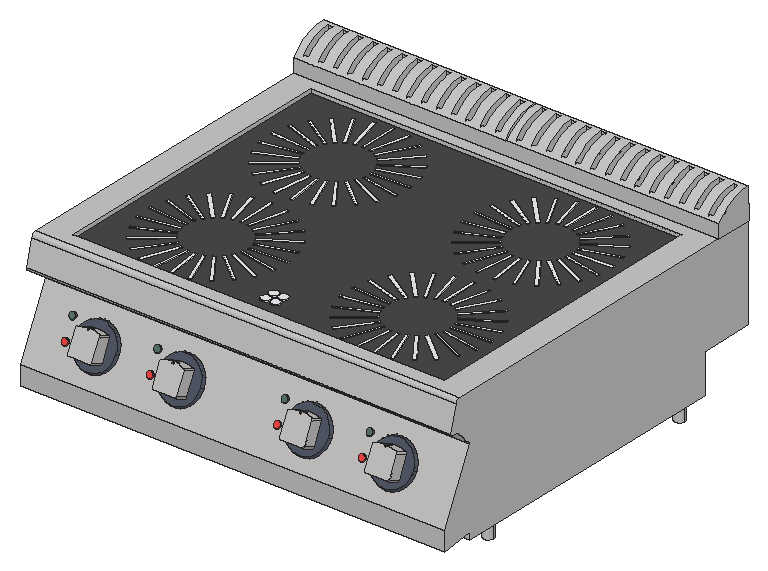
Revit family "QF_ZANUSSI_372021_Z7INEH4000", category Specialty Equipment, Revit 2018 (continued)
Automatic sketch dimensions
  Extrusion 42 sketch curve to Extrusion 42 sketch curve = 20.003 mm  (x2)
  Extrusion 42 sketch curve to Extrusion 42 sketch curve = 40.005 mm
  Extrusion 42 sketch curve to Extrusion 42 sketch curve = 5.399 mm
  Extrusion 42 sketch curve to Extrusion 42 sketch curve = 40.037 mm
  Extrusion 42 sketch curve to Extrusion 42 sketch curve = 0.00 mm  (x2)
  Extrusion 43 sketch curve to plane 7 "Center Y" = 137.50 mm
  Extrusion 43 sketch curve to Extrusion 43 sketch curve = 35.00 mm  (x2)
  Split face 24 sketch curve to Split face 24 sketch curve = 6.00 mm
  Split face 24 sketch curve to Split face 24 sketch curve = 10.00 mm
  Split face 25 sketch curve to Split face 25 sketch curve = 5.00 mm
  Split face 25 sketch curve to Split face 25 sketch curve = 9.00 mm
  Split face 26 sketch curve to Split face 26 sketch curve = 5.00 mm
  Split face 27 sketch curve to Split face 27 sketch curve = 5.00 mm
  plane 14 "panel" to Extrusion 44 sketch curve = 35.00 mm
  plane 13 to Extrusion 44 sketch curve = 5.671 mm
  Extrusion 44 sketch curve to Extrusion 44 sketch curve = 3.00 mm
  Extrusion 44 sketch curve to Extrusion 44 sketch curve = 0.00 mm
  Extrusion 44 sketch curve to Extrusion 44 sketch curve = 1.00 mm  (x2)
  Extrusion 44 sketch curve to Extrusion 44 sketch curve = 15.00 mm
  plane 3 "LEFT" to Extrusion 45 sketch curve = 64.999 mm
  Extrusion 46 sketch curve to plane 7 "Center Y" = 175.001 mm
  Extrusion 47 sketch curve to plane 7 "Center Y" = 175.001 mm
  plane 7 "Center Y" to Blend 48 sketch curve = 120.00 mm  (x2)
  plane 7 "Center Y" to Extrusion 49 sketch curve = 97.00 mm
  Extrusion 49 sketch curve to Extrusion 49 sketch curve = 2.997 mm  (x3)
  Extrusion 49 sketch curve to Extrusion 49 sketch curve = 20.003 mm  (x2)
  Extrusion 49 sketch curve to Extrusion 49 sketch curve = 40.005 mm
  Extrusion 49 sketch curve to Extrusion 49 sketch curve = 5.399 mm
  Extrusion 49 sketch curve to Extrusion 49 sketch curve = 40.037 mm
  Extrusion 49 sketch curve to Extrusion 49 sketch curve = 0.00 mm  (x2)
  plane 14 "panel" to Extrusion 50 sketch curve = 35.00 mm
  plane 13 to Extrusion 50 sketch curve = 5.671 mm
  Extrusion 50 sketch curve to Extrusion 50 sketch curve = 3.00 mm
  Extrusion 50 sketch curve to Extrusion 50 sketch curve = 0.00 mm  (x2)
  Extrusion 50 sketch curve to Extrusion 50 sketch curve = 1.00 mm
  Extrusion 50 sketch curve to Extrusion 50 sketch curve = 15.00 mm
  plane 7 "Center Y" to Extrusion 51 sketch curve = 64.999 mm
  plane 7 "Center Y" to Extrusion 52 sketch curve = 102.50 mm
  Extrusion 52 sketch curve to Extrusion 52 sketch curve = 35.00 mm  (x2)
  Split face 31 sketch curve to Split face 31 sketch curve = 6.00 mm
  Split face 31 sketch curve to Split face 31 sketch curve = 10.00 mm
  Split face 32 sketch curve to Split face 32 sketch curve = 5.00 mm
  Split face 32 sketch curve to Split face 32 sketch curve = 9.00 mm
  Split face 33 sketch curve to Split face 33 sketch curve = 5.00 mm
  Split face 34 sketch curve to Split face 34 sketch curve = 5.00 mm
  plane 14 "panel" to Extrusion 56 sketch curve = 35.00 mm
  plane 13 to Extrusion 56 sketch curve = 5.671 mm
  Extrusion 56 sketch curve to Extrusion 56 sketch curve = 3.00 mm
  Extrusion 56 sketch curve to Extrusion 56 sketch curve = 0.00 mm
  Extrusion 56 sketch curve to Extrusion 56 sketch curve = 1.00 mm  (x2)
  Extrusion 56 sketch curve to Extrusion 56 sketch curve = 15.00 mm
  plane 7 "Center Y" to Extrusion 57 sketch curve = 64.999 mm
  plane 7 "Center Y" to Extrusion 60 sketch curve = 9.00 mm
  plane 11 to Extrusion 60 sketch curve = 9.00 mm
  plane 7 "Center Y" to Extrusion 61 sketch curve = 9.00 mm
  Extrusion 61 sketch curve to plane 11 = 9.00 mm
  Extrusion 62 sketch curve to plane 7 "Center Y" = 9.00 mm
  Extrusion 62 sketch curve to plane 11 = 27.00 mm
  Extrusion 63 sketch curve to plane 7 "Center Y" = 9.00 mm
  plane 11 to Extrusion 63 sketch curve = 27.00 mm
  curve 133 to plane 3 "LEFT" = 0.00 mm
  curve 168 to plane 3 "LEFT" = 0.00 mm
  plane 13 to curve 137 = 0.00 mm
  plane 5 "FRONT" to curve 168 = 0.00 mm
  plane 5 "FRONT" to curve 166 = 0.00 mm
  plane 5 "FRONT" to curve 167 = 0.00 mm
  plane 5 "FRONT" to curve 201 = 0.00 mm
  plane 5 "FRONT" to curve 202 = 0.00 mm
  curve 133 to plane 4 "RIGHT" = 0.00 mm
  plane 5 "FRONT" to curve 134 = 9.347 mm
  plane 3 "LEFT" to curve 134 = 97.00 mm
  curve 135 to curve 135 = 0.809 mm
  curve 138 to curve 138 = 1.583 mm
  curve 135 to curve 136 = 1.846 mm
  curve 135 to curve 149 = 2.189 mm
  curve 134 to curve 137 = 11.892 mm
  plane 13 to curve 140 = 5.671 mm
  curve 138 to curve 140 = 20.417 mm
  curve 136 to curve 139 = 19.134 mm
  curve 139 to curve 148 = 1.738 mm
  curve 140 to curve 141 = 2.00 mm
  curve 137 to curve 146 = 22.215 mm
  curve 141 to curve 149 = 19.003 mm
  curve 149 to curve 145 = 0.343 mm
  curve 145 to curve 147 = 1.071 mm
  curve 145 to curve 144 = 2.189 mm
  curve 144 to curve 143 = 0.809 mm
  plane 5 "FRONT" to curve 159 = 9.347 mm
  curve 143 to curve 159 = 114.00 mm
  curve 160 to curve 160 = 0.809 mm
  curve 163 to curve 163 = 1.583 mm
  curve 160 to curve 161 = 1.846 mm
  curve 160 to curve 165 = 2.189 mm
  curve 159 to curve 162 = 11.892 mm
  plane 13 to curve 157 = 5.671 mm
  curve 163 to curve 157 = 20.417 mm
  curve 161 to curve 164 = 19.134 mm
  curve 164 to curve 155 = 1.738 mm
  curve 157 to curve 156 = 2.00 mm
  curve 162 to curve 153 = 22.215 mm
  curve 156 to curve 165 = 19.003 mm
  curve 165 to curve 152 = 0.343 mm
  curve 152 to curve 154 = 1.071 mm
  curve 165 to curve 151 = 2.189 mm
  curve 151 to curve 150 = 0.809 mm
  plane 5 "FRONT" to curve 169 = 9.347 mm
  plane 7 "Center Y" to curve 169 = 97.00 mm
  curve 170 to curve 170 = 0.809 mm
  curve 173 to curve 173 = 1.583 mm
  curve 170 to curve 171 = 1.846 mm
  curve 170 to curve 184 = 2.189 mm
  curve 169 to curve 172 = 11.892 mm
  plane 13 to curve 176 = 5.671 mm
  curve 173 to curve 176 = 20.417 mm
  curve 171 to curve 174 = 19.134 mm
  curve 174 to curve 183 = 1.738 mm
  curve 175 to curve 177 = 2.00 mm
  curve 172 to curve 181 = 22.215 mm
  curve 176 to curve 184 = 19.003 mm
  curve 184 to curve 180 = 0.343 mm
  curve 180 to curve 182 = 1.071 mm
  curve 180 to curve 179 = 2.189 mm
  curve 179 to curve 178 = 0.809 mm
  plane 5 "FRONT" to curve 194 = 9.347 mm
  curve 178 to curve 194 = 114.00 mm
  curve 194 to curve 195 = 0.809 mm
  curve 198 to curve 198 = 1.583 mm
  curve 195 to curve 196 = 1.846 mm
  curve 195 to curve 200 = 2.189 mm
  curve 194 to curve 197 = 11.892 mm
  plane 13 to curve 193 = 5.671 mm
  curve 198 to curve 193 = 20.417 mm
  curve 200 to curve 199 = 19.134 mm
  curve 199 to curve 190 = 1.738 mm
  curve 192 to curve 191 = 2.00 mm
  curve 197 to curve 188 = 22.215 mm
  curve 191 to curve 200 = 19.003 mm
  curve 200 to curve 187 = 0.343 mm
  curve 187 to curve 189 = 1.071 mm
  curve 200 to curve 186 = 2.189 mm
  curve 186 to curve 185 = 0.809 mm
  curve 178 to curve 201 = 9.347 mm
  curve 200 to curve 195 = 1.333 mm
  curve 184 to curve 179 = 1.333 mm
  plane 5 "FRONT" to curve 165 = 10.68 mm
  curve 149 to curve 135 = 1.333 mm
  curve 190 to curve 187 = 86.839 mm
  curve 174 to curve 171 = 86.839 mm
  curve 155 to curve 152 = 86.839 mm
  curve 199 to curve 190 = 0.00 mm
  curve 139 to curve 136 = 86.839 mm
  curve 174 to curve 183 = 0.00 mm
  curve 139 to curve 148 = 0.00 mm
  curve 164 to curve 155 = 0.00 mm
  curve 200 to curve 185 = 1.333 mm
  curve 165 to curve 150 = 1.333 mm
  curve 145 to curve 143 = 1.333 mm
  curve 144 to curve 145 = 2.779 mm
  curve 186 to curve 187 = 2.779 mm
  curve 160 to curve 161 = 2.779 mm
  curve 179 to curve 180 = 2.779 mm
  curve 135 to curve 136 = 2.779 mm
  curve 151 to curve 152 = 2.779 mm
  curve 195 to curve 196 = 2.779 mm
  curve 170 to curve 171 = 2.779 mm
  plane 13 to curve 189 = 7.106 mm
  plane 13 to curve 147 = 7.106 mm
  plane 13 to curve 182 = 7.106 mm
  plane 13 to curve 173 = 7.106 mm
  plane 13 to curve 163 = 7.106 mm
  plane 13 to curve 138 = 7.106 mm
  plane 13 to curve 154 = 7.106 mm
  plane 13 to curve 198 = 7.106 mm
  curve 197 to plane 13 = 36.239 mm
  curve 162 to plane 13 = 36.239 mm
  curve 162 to curve 153 = 0.00 mm
  curve 181 to plane 13 = 36.239 mm
  curve 137 to plane 13 = 36.239 mm
  curve 137 to curve 146 = 0.00 mm
  curve 197 to curve 188 = 0.00 mm
  curve 172 to curve 181 = 0.00 mm
  curve 137 to curve 134 = 9.809 mm
  curve 138 to curve 138 = 0.284 mm
  curve 147 to curve 148 = 0.284 mm
  curve 143 to curve 146 = 9.809 mm
  curve 162 to curve 159 = 9.809 mm
  curve 164 to curve 163 = 0.284 mm
  curve 154 to curve 154 = 0.284 mm
  curve 150 to curve 153 = 9.809 mm
  curve 172 to curve 169 = 9.809 mm
  curve 173 to curve 173 = 0.284 mm
  curve 182 to curve 183 = 0.284 mm
  curve 178 to curve 181 = 9.809 mm
  curve 197 to curve 194 = 9.809 mm
  curve 199 to curve 198 = 0.284 mm
  curve 189 to curve 190 = 0.284 mm
  curve 185 to curve 188 = 9.809 mm
  plane 4 "RIGHT" to curve 202 = 0.05 mm
  curve 147 to curve 147 = 0.567 mm
  curve 182 to curve 182 = 0.567 mm
  curve 173 to curve 173 = 0.567 mm
  curve 163 to curve 163 = 0.567 mm
  curve 189 to curve 189 = 0.567 mm
  curve 154 to curve 154 = 0.567 mm
  curve 138 to curve 138 = 0.567 mm
  curve 198 to curve 198 = 0.567 mm
  Extrusion 2 sketch curve to plane 4 "RIGHT" = 50.00 mm
  plane 3 "LEFT" to Extrusion 2 sketch curve = 50.00 mm
  Extrusion 2 sketch curve to plane 12 = 54.376 mm
  Extrusion 2 sketch curve to plane 13 = 46.738 mm
  plane 11 to Extrusion 3 sketch curve = 0.00 mm  (x2)
  plane 12 to Extrusion 3 sketch curve = 0.00 mm  (x2)
  plane 3 "LEFT" to Extrusion 3 sketch curve = 11.112 mm  (x2)
  Extrusion 3 sketch curve to plane 4 "RIGHT" = 11.113 mm  (x2)
  plane 9 "BASE" to Extrusion 4 sketch curve = 33.906 mm
  Extrusion 4 sketch curve to plane 4 "RIGHT" = 43.00 mm
  plane 5 "FRONT" to Extrusion 5 sketch curve = 0.00 mm  (x2)
  plane 1 "BACK" to Extrusion 5 sketch curve = 0.00 mm
  Extrusion 5 sketch curve to plane 3 "LEFT" = 0.00 mm
  Extrusion 5 sketch curve to plane 4 "RIGHT" = 0.00 mm
  Extrusion 5 sketch curve to plane 3 "LEFT" = 150.019 mm
  plane 4 "RIGHT" to Extrusion 5 sketch curve = 150.019 mm
  Extrusion 5 sketch curve to plane 1 "BACK" = 150.019 mm
  plane 1 "BACK" to curve 4 = 0.00 mm
  curve 4 to plane 4 "RIGHT" = 0.00 mm
  curve 8 to plane 3 "LEFT" = 0.00 mm
  curve 9 to plane 3 "LEFT" = 0.00 mm
  plane 5 "FRONT" to curve 5 = 0.00 mm
  plane 5 "FRONT" to curve 6 = 0.00 mm
  plane 4 "RIGHT" to curve 2 = 150.019 mm
  plane 7 "Center Y" to curve 206 = 9.00 mm
  plane 7 "Center Y" to curve 204 = 9.00 mm
  curve 205 to plane 7 "Center Y" = 9.00 mm
  curve 203 to plane 7 "Center Y" = 9.00 mm
  curve 1 to plane 3 "LEFT" = 150.019 mm
  curve 2 to plane 1 "BACK" = 150.019 mm
  curve 4 to curve 7 = 69.85 mm
  plane 11 to curve 204 = 9.00 mm
  plane 11 to curve 203 = 9.00 mm
  curve 203 to curve 205 = 18.00 mm
  curve 205 to curve 206 = 0.00 mm
  plane 7 "Center Y" to curve 132 = 1.729 mm
  curve 9 to plane 7 "Center Y" = 1.454 mm
  curve 9 to curve 7 = 166.821 mm
  plane 1 "BACK" to curve 9 = 69.85 mm
  curve 4 to curve 132 = 69.85 mm
  curve 8 to plane 12 = 26.988 mm
  plane 5 "FRONT" to curve 1 = 1.377 mm
  plane 5 "FRONT" to curve 3 = 1.377 mm
  curve 15 to Extrusion 2 = 0.00 mm  (x3)
  Extrusion 2 to curve 16 = 0.00 mm
  Extrusion 2 to curve 82 = 8.705 mm
  curve 77 to curve 82 = 18.547 mm
  curve 74 to curve 76 = 9.296 mm
  curve 84 to Extrusion 2 = 0.591 mm
  curve 12 to Extrusion 2 = 11.994 mm
  curve 83 to curve 87 = 18.547 mm
  curve 12 to curve 12 = 11.495 mm
  curve 86 to curve 87 = 9.296 mm
  curve 87 to curve 90 = 18.547 mm
  curve 90 to curve 92 = 9.296 mm
  curve 92 to curve 97 = 18.547 mm
  curve 94 to curve 96 = 9.296 mm
  curve 96 to curve 98 = 18.547 mm
  curve 98 to curve 99 = 9.296 mm
  curve 99 to curve 103 = 18.547 mm
  curve 102 to curve 105 = 9.296 mm
  curve 104 to curve 106 = 18.547 mm
  curve 106 to curve 107 = 9.296 mm
  curve 108 to curve 113 = 18.547 mm
  curve 110 to curve 112 = 9.296 mm
  curve 112 to curve 114 = 18.547 mm
  curve 114 to curve 115 = 9.296 mm
  curve 116 to curve 121 = 18.547 mm
  curve 118 to curve 120 = 9.296 mm
  curve 119 to curve 122 = 18.547 mm
  curve 122 to curve 125 = 9.296 mm
  curve 123 to curve 127 = 18.547 mm
  curve 126 to curve 127 = 9.296 mm
  curve 127 to curve 78 = 18.547 mm
  curve 78 to curve 80 = 9.296 mm
  curve 80 to curve 25 = 30.603 mm
  curve 24 to curve 22 = 9.296 mm
  curve 22 to curve 72 = 18.547 mm
  curve 71 to curve 70 = 9.296 mm
  curve 70 to curve 69 = 18.547 mm
  curve 67 to curve 67 = 9.296 mm
  curve 66 to curve 64 = 18.547 mm
  curve 64 to curve 62 = 9.296 mm
  curve 62 to curve 61 = 18.547 mm
  curve 59 to curve 58 = 9.296 mm
  curve 58 to curve 56 = 18.547 mm
  curve 55 to curve 55 = 9.296 mm
  curve 54 to curve 51 = 18.547 mm
  curve 52 to curve 53 = 9.296 mm
  curve 50 to curve 47 = 18.547 mm
  curve 48 to curve 49 = 9.296 mm
  curve 46 to curve 45 = 18.547 mm
  curve 44 to curve 42 = 9.296 mm
  curve 42 to curve 40 = 18.547 mm
  curve 39 to curve 38 = 9.296 mm
  curve 38 to curve 35 = 18.547 mm
  curve 36 to curve 34 = 9.296 mm
  curve 34 to curve 33 = 18.547 mm
  curve 32 to curve 33 = 9.296 mm
  curve 28 to Extrusion 2 = 0.591 mm
  Extrusion 2 to curve 26 = 8.705 mm
  curve 26 to curve 20 = 18.547 mm
  curve 20 to curve 18 = 9.296 mm
  Extrusion 2 to curve 66 = 29.351 mm
  Extrusion 2 to curve 122 = 29.351 mm
  curve 122 to curve 121 = 0.00 mm
  curve 129 to curve 124 = 0.00 mm
  curve 118 to curve 117 = 0.00 mm
  Extrusion 2 to curve 18 = 29.351 mm
  curve 114 to curve 113 = 0.00 mm
  Extrusion 2 to curve 22 = 29.351 mm
  curve 110 to curve 109 = 0.00 mm
  curve 20 to curve 26 = 0.00 mm  (x2)
  curve 106 to curve 105 = 0.00 mm
  curve 28 to curve 30 = 0.00 mm  (x2)
  curve 102 to curve 101 = 0.00 mm
  curve 32 to curve 34 = 0.00 mm  (x2)
  curve 98 to curve 97 = 0.00 mm
  curve 36 to curve 38 = 0.00 mm  (x2)
  curve 94 to curve 93 = 0.00 mm
  curve 40 to curve 42 = 0.00 mm  (x2)
  curve 90 to curve 89 = 0.00 mm
  curve 44 to curve 46 = 0.00 mm  (x2)
  curve 86 to curve 85 = 0.00 mm
  curve 48 to curve 50 = 0.00 mm  (x2)
  curve 81 to curve 128 = 0.00 mm
  curve 52 to curve 54 = 0.00 mm  (x2)
  curve 82 to curve 77 = 0.00 mm
  curve 56 to curve 58 = 0.00 mm  (x2)
  curve 68 to curve 73 = 0.00 mm
  curve 60 to curve 62 = 0.00 mm  (x2)
  curve 123 to curve 124 = 57.15 mm
  curve 66 to curve 66 = 57.15 mm
  curve 64 to curve 66 = 0.00 mm
  curve 67 to curve 70 = 0.00 mm
  curve 74 to curve 74 = 57.15 mm
  curve 78 to curve 123 = 0.00 mm
  curve 82 to curve 75 = 0.00 mm
  curve 86 to curve 83 = 0.00 mm
  curve 90 to curve 87 = 0.00 mm
  curve 94 to curve 91 = 0.00 mm
  curve 98 to curve 95 = 0.00 mm
  curve 102 to curve 99 = 0.00 mm
  curve 106 to curve 103 = 0.00 mm
  curve 110 to curve 107 = 0.00 mm
  curve 71 to curve 24 = 0.00 mm
  curve 114 to curve 111 = 0.00 mm
  curve 118 to curve 115 = 0.00 mm
  curve 126 to curve 123 = 0.00 mm
  curve 10 to Extrusion 2 = 263.642 mm
  curve 10 to curve 13 = 32.256 mm
  curve 79 to curve 130 = 13.664 mm
  curve 130 to curve 131 = 3.175 mm
  curve 24 to curve 131 = 5.939 mm
  curve 131 to curve 130 = 0.00 mm  (x2)
  curve 130 to curve 79 = 6.761 mm
  Extrusion 21 sketch curve to plane 1 "BACK" = 6.761 mm
  plane 4 "RIGHT" to Extrusion 21 sketch curve = 22.649 mm
  Extrusion 21 sketch curve to Extrusion 21 sketch curve = 9.296 mm
  Extrusion 21 sketch curve to Extrusion 21 sketch curve = 57.15 mm
  Extrusion 23 sketch curve to plane 1 "BACK" = 6.761 mm
  plane 4 "RIGHT" to Extrusion 23 sketch curve = 50.491 mm
  Extrusion 23 sketch curve to Extrusion 23 sketch curve = 9.296 mm
  Extrusion 23 sketch curve to Extrusion 23 sketch curve = 57.15 mm
  Extrusion 24 sketch curve to plane 1 "BACK" = 6.761 mm
  plane 4 "RIGHT" to Extrusion 24 sketch curve = 78.333 mm
  Extrusion 24 sketch curve to Extrusion 24 sketch curve = 9.296 mm
  Extrusion 24 sketch curve to Extrusion 24 sketch curve = 57.15 mm
  Extrusion 25 sketch curve to plane 1 "BACK" = 6.761 mm
  plane 4 "RIGHT" to Extrusion 25 sketch curve = 106.175 mm
  Extrusion 25 sketch curve to Extrusion 25 sketch curve = 9.296 mm
  Extrusion 25 sketch curve to Extrusion 25 sketch curve = 57.15 mm
  Extrusion 26 sketch curve to plane 1 "BACK" = 6.761 mm
  plane 4 "RIGHT" to Extrusion 26 sketch curve = 134.018 mm
  Extrusion 26 sketch curve to Extrusion 26 sketch curve = 9.296 mm
  Extrusion 26 sketch curve to Extrusion 26 sketch curve = 57.15 mm
  Extrusion 27 sketch curve to plane 1 "BACK" = 6.761 mm
  plane 4 "RIGHT" to Extrusion 27 sketch curve = 161.86 mm
  Extrusion 27 sketch curve to Extrusion 27 sketch curve = 9.296 mm
  Extrusion 27 sketch curve to Extrusion 27 sketch curve = 57.15 mm
  Extrusion 28 sketch curve to plane 1 "BACK" = 6.761 mm
  plane 4 "RIGHT" to Extrusion 28 sketch curve = 189.702 mm
  Extrusion 28 sketch curve to Extrusion 28 sketch curve = 9.296 mm
  Extrusion 28 sketch curve to Extrusion 28 sketch curve = 57.15 mm
  Blend 53 sketch curve to plane 4 "RIGHT" = 120.00 mm  (x2)
  Extrusion 54 sketch curve to plane 4 "RIGHT" = 143.00 mm
  Extrusion 54 sketch curve to Extrusion 54 sketch curve = 2.997 mm  (x3)
  Extrusion 54 sketch curve to Extrusion 54 sketch curve = 20.003 mm  (x2)
  Extrusion 54 sketch curve to Extrusion 54 sketch curve = 40.005 mm
  Extrusion 54 sketch curve to Extrusion 54 sketch curve = 5.399 mm
  Extrusion 54 sketch curve to Extrusion 54 sketch curve = 40.037 mm
  Extrusion 54 sketch curve to Extrusion 54 sketch curve = 0.00 mm  (x2)
  Extrusion 55 sketch curve to plane 4 "RIGHT" = 137.50 mm
  Extrusion 55 sketch curve to Extrusion 55 sketch curve = 35.00 mm  (x2)
  Split face 54 sketch curve to Split face 54 sketch curve = 6.00 mm
  Split face 54 sketch curve to Split face 54 sketch curve = 10.00 mm
  Split face 55 sketch curve to Split face 55 sketch curve = 5.00 mm
  Split face 55 sketch curve to Split face 55 sketch curve = 9.00 mm
  Split face 56 sketch curve to Split face 56 sketch curve = 5.00 mm
  Split face 57 sketch curve to Split face 57 sketch curve = 5.00 mm
  Extrusion 58 sketch curve to plane 4 "RIGHT" = 175.001 mm
  Extrusion 59 sketch curve to plane 4 "RIGHT" = 175.001 mm
  Extrusion 1 sketch curve to plane 8 "Center X" = 357.50 mm
  Extrusion 1 sketch curve to plane 6 "TOP" = 110.989 mm
  Extrusion 1 sketch curve to plane 8 "Center X" = 342.384 mm
  Extrusion 1 sketch curve to Extrusion 1 sketch curve = 2.884 mm
  Extrusion 1 sketch curve to Extrusion 1 sketch curve = 13.051 mm
  Extrusion 1 sketch curve to plane 6 "TOP" = 114.816 mm
  Extrusion 1 sketch curve to Extrusion 1 sketch curve = 10.198 mm
  Extrusion 1 sketch curve to Extrusion 1 sketch curve = 7.474 mm
  Extrusion 1 sketch curve to Extrusion 1 sketch curve = 56.355 mm
  Extrusion 1 sketch curve to Extrusion 1 sketch curve = 0.445 mm
  Extrusion 1 sketch curve to Extrusion 1 sketch curve = 3.20 mm
  Extrusion 1 sketch curve to plane 6 "TOP" = 146.636 mm
  Extrusion 1 sketch curve to Extrusion 1 sketch curve = 31.82 mm
  plane 1 "BACK" to Extrusion 1 sketch curve = 103.00 mm
  Extrusion 1 sketch curve to plane 6 "TOP" = 58.00 mm
  Extrusion 1 sketch curve to Extrusion 1 sketch curve = 103.00 mm
  Extrusion 1 sketch curve to plane 10 "TOP A" = 176.00 mm
  Extrusion 1 sketch curve to plane 10 "TOP A" = 209.492 mm
  Extrusion 1 sketch curve to Extrusion 1 sketch curve = 27.08 mm
  Extrusion 1 sketch curve to Extrusion 1 sketch curve = 35.00 mm
  Extrusion 1 sketch curve to Extrusion 1 sketch curve = 74.00 mm
  radius of Blend 36 sketch curve = 42.50 mm
  radius of Blend 36 sketch curve = 40.50 mm
  radius of Extrusion 39 sketch curve = 6.00 mm
  radius of Split face 5 sketch curve = 2.029 mm
  radius of Split face 6 sketch curve = 1.50 mm
  radius of Split face 7 sketch curve = 1.50 mm
  radius of Split face 8 sketch curve = 1.50 mm
  radius of Split face 9 sketch curve = 1.50 mm
  radius of Split face 10 sketch curve = 1.50 mm
  radius of Split face 11 sketch curve = 1.50 mm
  radius of Split face 12 sketch curve = 1.50 mm
  radius of Split face 13 sketch curve = 1.50 mm
  radius of Split face 14 sketch curve = 1.50 mm
  radius of Blend 41 sketch curve = 42.50 mm
  radius of Blend 41 sketch curve = 40.50 mm
  radius of Split face 15 sketch curve = 1.50 mm
  radius of Split face 16 sketch curve = 1.50 mm
  radius of Split face 17 sketch curve = 1.50 mm
  radius of Split face 18 sketch curve = 1.50 mm
  radius of Split face 19 sketch curve = 1.50 mm
  radius of Split face 20 sketch curve = 1.50 mm
  radius of Split face 21 sketch curve = 1.50 mm
  radius of Split face 22 sketch curve = 1.50 mm
  radius of Split face 23 sketch curve = 1.50 mm
  radius of Split face 28 sketch curve = 2.031 mm
  radius of Split face 29 sketch curve = 1.50 mm
  radius of Split face 30 sketch curve = 1.50 mm
  radius of Extrusion 45 sketch curve = 6.00 mm
  radius of Extrusion 46 sketch curve = 6.00 mm
  radius of Extrusion 47 sketch curve = 6.00 mm
  radius of Blend 48 sketch curve = 42.50 mm
  radius of Blend 48 sketch curve = 40.50 mm
  radius of Extrusion 51 sketch curve = 6.00 mm
  radius of Split face 35 sketch curve = 2.029 mm
  radius of Split face 36 sketch curve = 1.50 mm
  radius of Split face 37 sketch curve = 1.50 mm
  radius of Split face 38 sketch curve = 1.50 mm
  radius of Split face 39 sketch curve = 1.50 mm
  radius of Split face 40 sketch curve = 1.50 mm
  radius of Split face 41 sketch curve = 1.50 mm
  radius of Split face 42 sketch curve = 1.50 mm
  radius of Split face 43 sketch curve = 1.50 mm
  radius of Split face 44 sketch curve = 1.50 mm
  radius of Split face 59 sketch curve = 1.50 mm
  radius of Extrusion 57 sketch curve = 6.00 mm
  radius of Extrusion 60 sketch curve = 9.00 mm
  radius of Extrusion 61 sketch curve = 9.00 mm
  radius of Extrusion 62 sketch curve = 9.00 mm
  radius of Extrusion 63 sketch curve = 9.00 mm
  radius of Extrusion 3 sketch curve = 9.525 mm  (x4)
  radius of Extrusion 4 sketch curve = 12.70 mm
  radius of curve 203 = 9.00 mm
  radius of curve 204 = 9.00 mm
  radius of curve 205 = 9.00 mm
  radius of curve 206 = 9.00 mm
  radius of Blend 53 sketch curve = 42.50 mm
  radius of Blend 53 sketch curve = 40.50 mm
  radius of Split face 45 sketch curve = 1.50 mm
  radius of Split face 46 sketch curve = 1.50 mm
  radius of Split face 47 sketch curve = 1.50 mm
  radius of Split face 48 sketch curve = 1.50 mm
  radius of Split face 49 sketch curve = 1.50 mm
  radius of Split face 50 sketch curve = 1.50 mm
  radius of Split face 51 sketch curve = 1.50 mm
  radius of Split face 52 sketch curve = 1.50 mm
  radius of Split face 53 sketch curve = 1.50 mm
  radius of Split face 58 sketch curve = 2.031 mm
  radius of Split face 60 sketch curve = 1.50 mm
  radius of Extrusion 58 sketch curve = 6.00 mm
  radius of Extrusion 59 sketch curve = 6.00 mm
Nested families
  nested 1: "QF_372021_INDUCTION BURNER" at (79.771, -98.911, 266.887), type "QF_372021_INDUCTION BURNER"
    with Type Mark "", Status "", Specification by User "", Revision Code "", Item Number "", Installed By "", Identify Quantity as Lot yes, Furnished By "", Foodservice Equipment Identifier yes
  nested 2: "QF_372021_INDUCTION BURNER" at (461.843, -98.911, 266.887), type "QF_372021_INDUCTION BURNER"
    with Type Mark "", Status "", Specification by User "", Revision Code "", Item Number "", Installed By "", Identify Quantity as Lot yes, Furnished By "", Foodservice Equipment Identifier yes
  nested 3: "QF_372021_INDUCTION BURNER" at (461.843, -386.411, 266.887), type "QF_372021_INDUCTION BURNER"
    with Type Mark "", Status "", Specification by User "", Revision Code "", Item Number "", Installed By "", Identify Quantity as Lot yes, Furnished By "", Foodservice Equipment Identifier yes
  nested 4: "QF_372021_INDUCTION BURNER" at (79.771, -386.411, 266.887), type "QF_372021_INDUCTION BURNER"
    with Type Mark "", Status "", Specification by User "", Revision Code "", Item Number "", Installed By "", Identify Quantity as Lot yes, Furnished By "", Foodservice Equipment Identifier yes
Connectors
  electrical at (757, -88.9, 57.906), driven by "Volts", driven by "Watts"
    settings: on Extrusion 4, index 1, voltage 400 V, apparent load 14000 VA, apparent load phase1 0 VA, apparent load phase2 0 VA, apparent load phase3 0 VA, power factor 1, load classification "Other", number of poles 1, system type 30, power factor state 1, is connector primary yes, connector utility no, sub classification motor no, connector description "Electrical Connection"
Definition of nested family "QF_372021_INDUCTION BURNER"
  Parameters
    Weight in Pounds = 0
    URL Cutsheet = ""
    Type Mark [instance] = ""
    Status [instance] = ""
    Specification by User [instance] = ""
    Specification by Manufacturer = ""
    Serial Number = ""
    Seismic Rating = ""
    SMACNA No = ""
    Revision Code [instance] = ""
    Omniclass Number and Title = ""
    NAFEM Spec ID Number = ""
    Masterspec = ""
    Item Number [instance] = ""
    Installed By [instance] = ""
    Identify Quantity as Lot [instance] = yes
    Furnished By [instance] = ""
    Foodservice Equipment Identifier [instance] = yes
    CSI MasterFormat = ""
    CSI Master Format = ""
    Assembly Code = ""
  Reference planes
    plane 1 "BACK": y = 0
    plane 2: z = 0
    plane 3 "LEFT": x = 0
    plane 4 "RIGHT": x = 263
    plane 5 "FRONT": y = -263
    plane 6 "TOP": z = 0.794
    plane 7 "Center Y": x = 131.5
    plane 8 "Center X": y = -131.5
  Forms (mm)
    Extrusion 1, solid
      sketch origin (0, 0, 0) x (1, 0, 0) y (0, 1, 0)
        loop
          line (134, -73.314) -> (134, 0) -> (129, 0) -> (129, -73.314) -> (134, -73.314)
        loop
          line (119.451, -74.521) -> (101.219, -3.51) -> (96.376, -4.753) -> (114.608, -75.764) -> (119.451, -74.521)
        loop
          line (105.66, -79.307) -> (70.34, -15.061) -> (65.959, -17.47) -> (101.278, -81.716) -> (105.66, -79.307)
        loop
          line (93.492, -87.373) -> (43.304, -33.929) -> (39.66, -37.352) -> (89.847, -90.796) -> (93.492, -87.373)
        loop
          line (83.712, -98.212) -> (21.81, -58.928) -> (19.131, -63.15) -> (81.033, -102.433) -> (83.712, -98.212)
        loop
          line (5.664, -93.242) -> (75.39, -115.897) -> (76.935, -111.142) -> (7.209, -88.487) -> (5.664, -93.242)
        loop
          line (73.586, -125.351) -> (0.416, -120.748) -> (0.103, -125.738) -> (73.272, -130.342) -> (73.586, -125.351)
        loop
          line (73.876, -139.947) -> (1.861, -153.685) -> (2.798, -158.596) -> (74.813, -144.859) -> (73.876, -139.947)
        loop
          line (77.788, -154.012) -> (11.451, -185.228) -> (13.58, -189.752) -> (79.916, -158.536) -> (77.788, -154.012)
        loop
          line (85.074, -166.663) -> (28.584, -213.395) -> (31.771, -217.248) -> (88.261, -170.515) -> (85.074, -166.663)
        loop
          line (95.277, -177.104) -> (52.184, -236.416) -> (56.229, -239.355) -> (99.322, -180.043) -> (95.277, -177.104)
        loop
          line (107.756, -184.679) -> (80.767, -252.845) -> (85.416, -254.686) -> (112.405, -186.52) -> (107.756, -184.679)
        loop
          line (121.727, -188.914) -> (112.538, -261.65) -> (117.499, -262.276) -> (126.688, -189.54) -> (121.727, -188.914)
        loop
          line (143.549, -74.521) -> (148.392, -75.764) -> (166.624, -4.753) -> (161.781, -3.51) -> (143.549, -74.521)
        loop
          line (157.34, -79.307) -> (161.722, -81.716) -> (197.041, -17.47) -> (192.66, -15.061) -> (157.34, -79.307)
        loop
          line (169.508, -87.373) -> (173.153, -90.796) -> (223.34, -37.352) -> (219.696, -33.929) -> (169.508, -87.373)
        loop
          line (179.288, -98.212) -> (181.967, -102.433) -> (243.869, -63.15) -> (241.19, -58.928) -> (179.288, -98.212)
        loop
          line (257.336, -93.242) -> (255.791, -88.487) -> (186.065, -111.142) -> (187.61, -115.897) -> (257.336, -93.242)
        loop
          line (189.414, -125.351) -> (189.728, -130.342) -> (262.897, -125.738) -> (262.584, -120.748) -> (189.414, -125.351)
        loop
          line (189.124, -139.947) -> (188.187, -144.859) -> (260.202, -158.596) -> (261.139, -153.685) -> (189.124, -139.947)
        loop
          line (185.212, -154.012) -> (183.084, -158.536) -> (249.42, -189.752) -> (251.549, -185.228) -> (185.212, -154.012)
        loop
          line (177.926, -166.663) -> (174.739, -170.515) -> (231.229, -217.248) -> (234.416, -213.395) -> (177.926, -166.663)
        loop
          line (167.723, -177.104) -> (163.678, -180.043) -> (206.771, -239.355) -> (210.816, -236.416) -> (167.723, -177.104)
        loop
          line (155.244, -184.679) -> (150.595, -186.52) -> (177.584, -254.686) -> (182.233, -252.845) -> (155.244, -184.679)
        loop
          line (141.273, -188.914) -> (136.312, -189.54) -> (145.501, -262.276) -> (150.462, -261.65) -> (141.273, -188.914)
      from 0 to 0.8
  Lines and regions (mm)
    symbolic lines
      curve 1: line (134, -73.314, 0) -> (134, 0, 0)
      curve 2: line (134, 0, 0) -> (129, 0, 0)
      curve 3: line (129, 0, 0) -> (129, -73.314, 0)
      curve 4: line (129, -73.314, 0) -> (134, -73.314, 0)
      curve 5: line (148.392, -75.764, 0) -> (166.624, -4.753, 0)
      curve 6: line (166.624, -4.753, 0) -> (161.781, -3.51, 0)
      curve 7: line (161.781, -3.51, 0) -> (143.549, -74.521, 0)
      curve 8: line (143.549, -74.521, 0) -> (148.392, -75.764, 0)
      curve 9: line (119.451, -74.521, 0) -> (101.219, -3.51, 0)
      curve 10: line (101.219, -3.51, 0) -> (96.376, -4.753, 0)
      curve 11: line (96.376, -4.753, 0) -> (114.608, -75.764, 0)
      curve 12: line (114.608, -75.764, 0) -> (119.451, -74.521, 0)
      curve 13: line (105.66, -79.307, 0) -> (70.34, -15.061, 0)
      curve 14: line (70.34, -15.061, 0) -> (65.959, -17.47, 0)
      curve 15: line (65.959, -17.47, 0) -> (101.278, -81.716, 0)
      curve 16: line (101.278, -81.716, 0) -> (105.66, -79.307, 0)
      curve 17: line (93.492, -87.373, 0) -> (43.304, -33.929, 0)
      curve 18: line (43.304, -33.929, 0) -> (39.66, -37.352, 0)
      curve 19: line (39.66, -37.352, 0) -> (89.847, -90.796, 0)
      curve 20: line (89.847, -90.796, 0) -> (93.492, -87.373, 0)
      curve 21: line (83.712, -98.212, 0) -> (21.81, -58.928, 0)
      curve 22: line (21.81, -58.928, 0) -> (19.131, -63.15, 0)
      curve 23: line (19.131, -63.15, 0) -> (81.033, -102.433, 0)
      curve 24: line (81.033, -102.433, 0) -> (83.712, -98.212, 0)
      curve 25: line (76.935, -111.142, 0) -> (7.209, -88.487, 0)
      curve 26: line (7.209, -88.487, 0) -> (5.664, -93.242, 0)
      curve 27: line (5.664, -93.242, 0) -> (75.39, -115.897, 0)
      curve 28: line (75.39, -115.897, 0) -> (76.935, -111.142, 0)
      curve 29: line (73.586, -125.351, 0) -> (0.416, -120.748, 0)
      curve 30: line (0.416, -120.748, 0) -> (0.103, -125.738, 0)
      curve 31: line (0.103, -125.738, 0) -> (73.272, -130.342, 0)
      curve 32: line (73.272, -130.342, 0) -> (73.586, -125.351, 0)
      curve 33: line (73.876, -139.947, 0) -> (1.861, -153.685, 0)
      curve 34: line (1.861, -153.685, 0) -> (2.798, -158.596, 0)
      curve 35: line (2.798, -158.596, 0) -> (74.813, -144.859, 0)
      curve 36: line (74.813, -144.859, 0) -> (73.876, -139.947, 0)
      curve 37: line (77.788, -154.012, 0) -> (11.451, -185.228, 0)
      curve 38: line (11.451, -185.228, 0) -> (13.58, -189.752, 0)
      curve 39: line (13.58, -189.752, 0) -> (79.916, -158.536, 0)
      curve 40: line (79.916, -158.536, 0) -> (77.788, -154.012, 0)
      curve 41: line (85.074, -166.663, 0) -> (28.584, -213.395, 0)
      curve 42: line (28.584, -213.395, 0) -> (31.771, -217.248, 0)
      curve 43: line (31.771, -217.248, 0) -> (88.261, -170.515, 0)
      curve 44: line (88.261, -170.515, 0) -> (85.074, -166.663, 0)
      curve 45: line (95.277, -177.104, 0) -> (52.184, -236.416, 0)
      curve 46: line (52.184, -236.416, 0) -> (56.229, -239.355, 0)
      curve 47: line (56.229, -239.355, 0) -> (99.322, -180.043, 0)
      curve 48: line (99.322, -180.043, 0) -> (95.277, -177.104, 0)
      curve 49: line (107.756, -184.679, 0) -> (80.767, -252.845, 0)
      curve 50: line (80.767, -252.845, 0) -> (85.416, -254.686, 0)
      curve 51: line (85.416, -254.686, 0) -> (112.405, -186.52, 0)
      curve 52: line (112.405, -186.52, 0) -> (107.756, -184.679, 0)
      curve 53: line (121.727, -188.914, 0) -> (112.538, -261.65, 0)
      curve 54: line (112.538, -261.65, 0) -> (117.499, -262.276, 0)
      curve 55: line (117.499, -262.276, 0) -> (126.688, -189.54, 0)
      curve 56: line (126.688, -189.54, 0) -> (121.727, -188.914, 0)
      curve 57: line (136.312, -189.54, 0) -> (145.501, -262.276, 0)
      curve 58: line (145.501, -262.276, 0) -> (150.462, -261.65, 0)
      curve 59: line (150.462, -261.65, 0) -> (141.273, -188.914, 0)
      curve 60: line (141.273, -188.914, 0) -> (136.312, -189.54, 0)
      curve 61: line (150.595, -186.52, 0) -> (177.584, -254.686, 0)
      curve 62: line (177.584, -254.686, 0) -> (182.233, -252.845, 0)
      curve 63: line (182.233, -252.845, 0) -> (155.244, -184.679, 0)
      curve 64: line (155.244, -184.679, 0) -> (150.595, -186.52, 0)
      curve 65: line (163.678, -180.043, 0) -> (206.771, -239.355, 0)
      curve 66: line (206.771, -239.355, 0) -> (210.816, -236.416, 0)
      curve 67: line (210.816, -236.416, 0) -> (167.723, -177.104, 0)
      curve 68: line (167.723, -177.104, 0) -> (163.678, -180.043, 0)
      curve 69: line (174.739, -170.515, 0) -> (231.229, -217.248, 0)
      curve 70: line (231.229, -217.248, 0) -> (234.416, -213.395, 0)
      curve 71: line (234.416, -213.395, 0) -> (177.926, -166.663, 0)
      curve 72: line (177.926, -166.663, 0) -> (174.739, -170.515, 0)
      curve 73: line (183.084, -158.536, 0) -> (249.42, -189.752, 0)
      curve 74: line (249.42, -189.752, 0) -> (251.549, -185.228, 0)
      curve 75: line (251.549, -185.228, 0) -> (185.212, -154.012, 0)
      curve 76: line (185.212, -154.012, 0) -> (183.084, -158.536, 0)
      curve 77: line (188.187, -144.859, 0) -> (260.202, -158.596, 0)
      curve 78: line (260.202, -158.596, 0) -> (261.139, -153.685, 0)
      curve 79: line (261.139, -153.685, 0) -> (189.124, -139.947, 0)
      curve 80: line (189.124, -139.947, 0) -> (188.187, -144.859, 0)
      curve 81: line (189.728, -130.342, 0) -> (262.897, -125.738, 0)
      curve 82: line (262.897, -125.738, 0) -> (262.584, -120.748, 0)
      curve 83: line (262.584, -120.748, 0) -> (189.414, -125.351, 0)
      curve 84: line (189.414, -125.351, 0) -> (189.728, -130.342, 0)
      curve 85: line (187.61, -115.897, 0) -> (257.336, -93.242, 0)
      curve 86: line (257.336, -93.242, 0) -> (255.791, -88.487, 0)
      curve 87: line (255.791, -88.487, 0) -> (186.065, -111.142, 0)
      curve 88: line (186.065, -111.142, 0) -> (187.61, -115.897, 0)
      curve 89: line (181.967, -102.433, 0) -> (243.869, -63.15, 0)
      curve 90: line (243.869, -63.15, 0) -> (241.19, -58.928, 0)
      curve 91: line (241.19, -58.928, 0) -> (179.288, -98.212, 0)
      curve 92: line (179.288, -98.212, 0) -> (181.967, -102.433, 0)
      curve 93: line (173.153, -90.796, 0) -> (223.34, -37.352, 0)
      curve 94: line (223.34, -37.352, 0) -> (219.696, -33.929, 0)
      curve 95: line (219.696, -33.929, 0) -> (169.508, -87.373, 0)
      curve 96: line (169.508, -87.373, 0) -> (173.153, -90.796, 0)
      curve 97: line (161.722, -81.716, 0) -> (197.041, -17.47, 0)
      curve 98: line (197.041, -17.47, 0) -> (192.66, -15.061, 0)
      curve 99: line (192.66, -15.061, 0) -> (157.34, -79.307, 0)
      curve 100: line (157.34, -79.307, 0) -> (161.722, -81.716, 0)
  Dimensions and locks
    equal spacing: plane 3 "LEFT", plane 7 "Center Y", plane 4 "RIGHT"
    plane 3 "LEFT" to plane 4 "RIGHT" = 263.00 mm
    equal spacing: plane 5 "FRONT", plane 8 "Center X", plane 1 "BACK"
    plane 5 "FRONT" to plane 1 "BACK" = 263.00 mm
    plane 6 "TOP" to level = 0.794 mm
    aligned and locked: level to plane 2
  Automatic sketch dimensions
    plane 1 "BACK" to curve 1 = 0.00 mm
    plane 3 "LEFT" to curve 31 = 0.103 mm
    plane 3 "LEFT" to curve 33 = 1.861 mm
    plane 3 "LEFT" to curve 26 = 5.664 mm
    plane 3 "LEFT" to curve 38 = 11.451 mm
    curve 37 to curve 39 = 2.129 mm
    plane 3 "LEFT" to curve 22 = 19.131 mm
    curve 38 to curve 42 = 15.004 mm
    curve 21 to curve 18 = 17.849 mm
    plane 1 "BACK" to curve 14 = 15.061 mm
    curve 14 to curve 14 = 4.382 mm
    plane 8 "Center X" to curve 32 = 1.158 mm
    curve 32 to curve 29 = 0.314 mm
    curve 31 to curve 36 = 0.604 mm
    curve 33 to plane 8 "Center X" = 8.447 mm
    curve 33 to curve 35 = 0.937 mm
    curve 29 to curve 28 = 1.803 mm
    plane 8 "Center X" to curve 27 = 15.603 mm
    curve 27 to curve 25 = 1.545 mm
    curve 36 to curve 40 = 2.974 mm
    curve 37 to plane 8 "Center X" = 22.512 mm
    curve 25 to curve 23 = 4.098 mm
    curve 23 to curve 21 = 2.679 mm
    curve 39 to curve 41 = 5.157 mm
    curve 49 to curve 51 = 4.649 mm
    curve 50 to plane 5 "FRONT" = 8.314 mm
    curve 41 to curve 44 = 3.187 mm
    curve 21 to curve 19 = 6.135 mm
    curve 19 to curve 17 = 3.645 mm
    curve 43 to curve 45 = 7.016 mm
    curve 45 to curve 47 = 4.045 mm
    curve 10 to curve 9 = 4.843 mm
    plane 1 "BACK" to curve 10 = 3.51 mm
    curve 17 to curve 16 = 7.786 mm
    curve 47 to curve 49 = 8.434 mm
    curve 13 to curve 11 = 8.949 mm
    curve 54 to plane 5 "FRONT" = 0.724 mm
    curve 53 to curve 54 = 4.961 mm
    curve 56 to plane 7 "Center Y" = 4.812 mm
    curve 2 to plane 7 "Center Y" = 2.50 mm
    plane 7 "Center Y" to curve 1 = 2.50 mm
    plane 7 "Center Y" to curve 57 = 4.812 mm
    plane 7 "Center Y" to curve 58 = 14.001 mm
    curve 57 to plane 5 "FRONT" = 0.724 mm
    curve 58 to curve 58 = 4.961 mm
    curve 59 to curve 64 = 9.322 mm
    curve 61 to curve 64 = 4.649 mm
    curve 5 to curve 100 = 8.949 mm
    plane 1 "BACK" to curve 6 = 3.51 mm
    curve 63 to curve 65 = 8.434 mm
    curve 6 to curve 6 = 4.843 mm
    curve 65 to curve 67 = 4.045 mm
    curve 97 to curve 96 = 7.786 mm
    curve 95 to curve 96 = 3.645 mm
    curve 67 to curve 72 = 7.016 mm
    curve 62 to plane 5 "FRONT" = 8.314 mm
    curve 69 to curve 71 = 3.187 mm
    curve 93 to curve 92 = 6.135 mm
    curve 71 to curve 76 = 5.157 mm
    curve 73 to curve 76 = 2.129 mm
    curve 75 to plane 8 "Center X" = 22.512 mm
    curve 89 to curve 88 = 4.098 mm
    plane 8 "Center X" to curve 88 = 15.603 mm
    curve 75 to curve 77 = 2.974 mm
    curve 79 to plane 8 "Center X" = 8.447 mm
    curve 77 to curve 79 = 0.937 mm
    curve 85 to curve 84 = 1.803 mm
    plane 8 "Center X" to curve 84 = 1.158 mm
    curve 83 to curve 84 = 0.314 mm
    plane 1 "BACK" to curve 98 = 15.061 mm
    curve 98 to curve 98 = 4.382 mm
    curve 66 to curve 70 = 20.413 mm
    curve 91 to plane 4 "RIGHT" = 21.81 mm
    curve 90 to curve 90 = 2.679 mm
    curve 74 to plane 4 "RIGHT" = 13.58 mm
    curve 86 to plane 4 "RIGHT" = 7.209 mm
    curve 86 to curve 86 = 1.545 mm
    curve 79 to plane 4 "RIGHT" = 1.861 mm
    curve 82 to plane 4 "RIGHT" = 0.103 mm
    curve 46 to curve 46 = 2.939 mm
    curve 45 to curve 42 = 19.169 mm
    curve 66 to curve 70 = 19.169 mm
    curve 69 to curve 71 = 3.853 mm
    curve 56 to curve 60 = 0.00 mm
    curve 55 to curve 53 = 0.627 mm
    curve 57 to curve 59 = 0.627 mm
    curve 53 to curve 52 = 2.394 mm
    curve 59 to curve 61 = 2.394 mm
    curve 73 to curve 75 = 4.524 mm
    curve 51 to curve 49 = 1.841 mm
    curve 61 to curve 63 = 1.841 mm
    curve 49 to curve 48 = 4.637 mm
    curve 63 to curve 65 = 4.637 mm
    curve 65 to curve 67 = 2.939 mm
    curve 67 to curve 72 = 6.589 mm
    curve 45 to curve 44 = 6.589 mm
    curve 43 to curve 44 = 3.853 mm
    curve 39 to curve 37 = 4.524 mm
    curve 77 to curve 78 = 4.911 mm
    curve 34 to curve 33 = 4.911 mm
    plane 8 "Center X" to curve 31 = 5.762 mm
    plane 8 "Center X" to curve 81 = 5.762 mm
    curve 30 to curve 30 = 4.99 mm
    curve 81 to curve 83 = 4.99 mm
    curve 87 to curve 89 = 8.709 mm
    curve 25 to curve 23 = 8.709 mm
    curve 23 to curve 21 = 4.222 mm
    curve 91 to curve 96 = 7.416 mm
    curve 21 to curve 20 = 7.416 mm
    curve 26 to curve 26 = 4.755 mm
    curve 86 to curve 86 = 4.755 mm
    curve 19 to curve 20 = 3.423 mm
    curve 93 to curve 95 = 3.423 mm
    curve 17 to curve 16 = 5.657 mm
    curve 95 to curve 97 = 5.657 mm
    curve 16 to curve 13 = 2.409 mm
    curve 97 to curve 100 = 2.409 mm
    curve 99 to curve 8 = 3.543 mm
    curve 13 to curve 11 = 3.543 mm
    curve 5 to curve 8 = 1.243 mm
    curve 11 to curve 12 = 1.243 mm
    curve 9 to curve 3 = 1.206 mm
    curve 90 to curve 91 = 4.222 mm
    curve 91 to curve 94 = 21.576 mm
    plane 1 "BACK" to Extrusion 1 sketch curve = 0.00 mm
    plane 3 "LEFT" to Extrusion 1 sketch curve = 0.103 mm
    plane 3 "LEFT" to Extrusion 1 sketch curve = 0.416 mm
    plane 3 "LEFT" to Extrusion 1 sketch curve = 1.861 mm
    plane 3 "LEFT" to Extrusion 1 sketch curve = 2.798 mm
    plane 3 "LEFT" to Extrusion 1 sketch curve = 5.664 mm
    Extrusion 1 sketch curve to Extrusion 1 sketch curve = 1.545 mm  (x2)
    plane 3 "LEFT" to Extrusion 1 sketch curve = 11.451 mm
    Extrusion 1 sketch curve to Extrusion 1 sketch curve = 2.129 mm  (x2)
    plane 3 "LEFT" to Extrusion 1 sketch curve = 19.131 mm
    Extrusion 1 sketch curve to Extrusion 1 sketch curve = 2.679 mm  (x2)
    Extrusion 1 sketch curve to Extrusion 1 sketch curve = 15.004 mm
    Extrusion 1 sketch curve to Extrusion 1 sketch curve = 3.187 mm  (x2)
    Extrusion 1 sketch curve to Extrusion 1 sketch curve = 17.849 mm
    plane 1 "BACK" to Extrusion 1 sketch curve = 33.929 mm
    Extrusion 1 sketch curve to Extrusion 1 sketch curve = 3.645 mm  (x2)
    Extrusion 1 sketch curve to Extrusion 1 sketch curve = 20.413 mm  (x2)
    Extrusion 1 sketch curve to plane 5 "FRONT" = 23.645 mm  (x2)
    Extrusion 1 sketch curve to Extrusion 1 sketch curve = 4.045 mm  (x2)
    Extrusion 1 sketch curve to Extrusion 1 sketch curve = 22.654 mm  (x2)
    plane 1 "BACK" to Extrusion 1 sketch curve = 15.061 mm  (x2)
    Extrusion 1 sketch curve to Extrusion 1 sketch curve = 4.382 mm  (x2)
    plane 8 "Center X" to Extrusion 1 sketch curve = 1.158 mm  (x2)
    Extrusion 1 sketch curve to plane 7 "Center Y" = 58.228 mm
    Extrusion 1 sketch curve to plane 8 "Center X" = 8.447 mm  (x2)
    Extrusion 1 sketch curve to Extrusion 1 sketch curve = 0.604 mm
    plane 8 "Center X" to Extrusion 1 sketch curve = 15.603 mm  (x2)
    Extrusion 1 sketch curve to Extrusion 1 sketch curve = 1.803 mm  (x2)
    Extrusion 1 sketch curve to plane 8 "Center X" = 22.512 mm  (x2)
    Extrusion 1 sketch curve to Extrusion 1 sketch curve = 2.974 mm  (x2)
    Extrusion 1 sketch curve to plane 5 "FRONT" = 10.155 mm
    Extrusion 1 sketch curve to Extrusion 1 sketch curve = 24.538 mm  (x2)
    Extrusion 1 sketch curve to Extrusion 1 sketch curve = 4.098 mm  (x2)
    Extrusion 1 sketch curve to Extrusion 1 sketch curve = 5.157 mm  (x2)
    Extrusion 1 sketch curve to plane 5 "FRONT" = 8.314 mm  (x2)
    Extrusion 1 sketch curve to Extrusion 1 sketch curve = 4.649 mm  (x2)
    Extrusion 1 sketch curve to Extrusion 1 sketch curve = 6.135 mm  (x2)
    Extrusion 1 sketch curve to Extrusion 1 sketch curve = 7.016 mm  (x2)
    plane 1 "BACK" to Extrusion 1 sketch curve = 4.753 mm
    Extrusion 1 sketch curve to Extrusion 1 sketch curve = 26.036 mm  (x2)
    plane 1 "BACK" to Extrusion 1 sketch curve = 3.51 mm  (x2)
    Extrusion 1 sketch curve to Extrusion 1 sketch curve = 4.843 mm  (x2)
    Extrusion 1 sketch curve to Extrusion 1 sketch curve = 7.786 mm  (x2)
    Extrusion 1 sketch curve to Extrusion 1 sketch curve = 8.434 mm  (x2)
    Extrusion 1 sketch curve to plane 5 "FRONT" = 1.35 mm
    Extrusion 1 sketch curve to plane 7 "Center Y" = 18.962 mm
    Extrusion 1 sketch curve to Extrusion 1 sketch curve = 8.949 mm  (x2)
    Extrusion 1 sketch curve to plane 5 "FRONT" = 0.724 mm  (x2)
    Extrusion 1 sketch curve to Extrusion 1 sketch curve = 4.961 mm  (x2)
    Extrusion 1 sketch curve to Extrusion 1 sketch curve = 9.322 mm  (x2)
    Extrusion 1 sketch curve to plane 7 "Center Y" = 2.50 mm
    plane 7 "Center Y" to Extrusion 1 sketch curve = 2.50 mm
    plane 7 "Center Y" to Extrusion 1 sketch curve = 4.812 mm
    Extrusion 1 sketch curve to Extrusion 1 sketch curve = 9.549 mm
    plane 7 "Center Y" to Extrusion 1 sketch curve = 14.001 mm
    Extrusion 1 sketch curve to Extrusion 1 sketch curve = 27.781 mm
    Extrusion 1 sketch curve to Extrusion 1 sketch curve = 27.122 mm
    plane 8 "Center X" to Extrusion 1 sketch curve = 29.067 mm
    plane 8 "Center X" to Extrusion 1 sketch curve = 20.358 mm
    Extrusion 1 sketch curve to plane 8 "Center X" = 13.359 mm
    Extrusion 1 sketch curve to Extrusion 1 sketch curve = 0.937 mm
    plane 8 "Center X" to Extrusion 1 sketch curve = 6.149 mm
    Extrusion 1 sketch curve to Extrusion 1 sketch curve = 0.314 mm
    Extrusion 1 sketch curve to plane 4 "RIGHT" = 21.81 mm
    Extrusion 1 sketch curve to plane 4 "RIGHT" = 13.58 mm
    Extrusion 1 sketch curve to plane 4 "RIGHT" = 7.209 mm
    Extrusion 1 sketch curve to plane 4 "RIGHT" = 2.798 mm
    Extrusion 1 sketch curve to plane 4 "RIGHT" = 0.416 mm
    Extrusion 1 sketch curve to Extrusion 1 sketch curve = 0.627 mm
    Extrusion 1 sketch curve to Extrusion 1 sketch curve = 1.841 mm
    Extrusion 1 sketch curve to Extrusion 1 sketch curve = 2.939 mm  (x2)
    Extrusion 1 sketch curve to Extrusion 1 sketch curve = 19.169 mm  (x2)
    Extrusion 1 sketch curve to Extrusion 1 sketch curve = 3.853 mm  (x2)
    Extrusion 1 sketch curve to Extrusion 1 sketch curve = 23.643 mm  (x2)
    Extrusion 1 sketch curve to plane 8 "Center X" = 27.096 mm
    plane 8 "Center X" to Extrusion 1 sketch curve = 5.762 mm
    Extrusion 1 sketch curve to Extrusion 1 sketch curve = 4.755 mm
    Extrusion 1 sketch curve to Extrusion 1 sketch curve = 8.709 mm
    Extrusion 1 sketch curve to Extrusion 1 sketch curve = 4.222 mm  (x2)
    Extrusion 1 sketch curve to Extrusion 1 sketch curve = 7.416 mm  (x2)
    Extrusion 1 sketch curve to Extrusion 1 sketch curve = 3.423 mm
    Extrusion 1 sketch curve to Extrusion 1 sketch curve = 5.657 mm  (x2)
    Extrusion 1 sketch curve to Extrusion 1 sketch curve = 3.543 mm
    Extrusion 1 sketch curve to Extrusion 1 sketch curve = 1.206 mm
